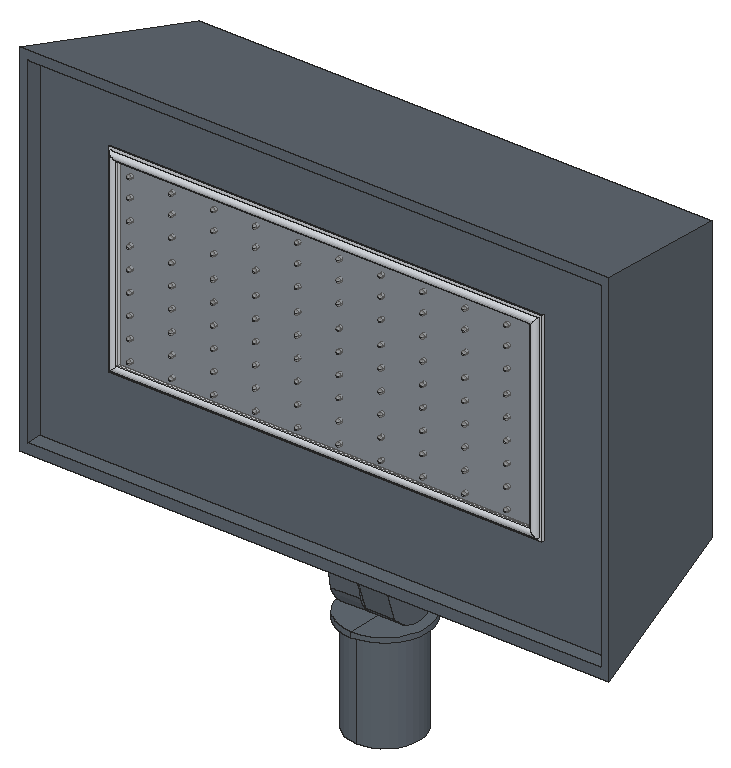
Revit family "RFL3", category Lighting Fixtures, host Face, Revit 2014 (continued)
Definition of nested family "RFL"
  Automatic sketch dimensions
    Revolve 15 sketch curve to Revolve 15 sketch curve = 0.000"
    Revolve 15 sketch curve to Revolve 15 sketch curve = 0.35913"
    Revolve 15 sketch curve to Revolve 15 sketch curve = 0.26429"
    Revolve 16 sketch curve to Revolve 16 sketch curve = 0.03589"
    Revolve 16 sketch curve to Revolve 16 sketch curve = 0.04501"
    Revolve 16 sketch curve to Revolve 16 sketch curve = 0.000"
    Revolve 16 sketch curve to Revolve 16 sketch curve = 0.35913"
    Revolve 16 sketch curve to Revolve 16 sketch curve = 0.26429"
    Revolve 17 sketch curve to Revolve 17 sketch curve = 0.03589"
    Revolve 17 sketch curve to Revolve 17 sketch curve = 0.04501"
    Revolve 17 sketch curve to Revolve 17 sketch curve = 0.000"
    Revolve 17 sketch curve to Revolve 17 sketch curve = 0.35913"
    Revolve 17 sketch curve to Revolve 17 sketch curve = 0.26429"
    Revolve 18 sketch curve to Revolve 18 sketch curve = 0.03589"
    Revolve 18 sketch curve to Revolve 18 sketch curve = 0.04501"
    Revolve 18 sketch curve to Revolve 18 sketch curve = 0.000"
    Revolve 18 sketch curve to Revolve 18 sketch curve = 0.35913"
    Revolve 18 sketch curve to Revolve 18 sketch curve = 0.26429"
    Revolve 19 sketch curve to Revolve 19 sketch curve = 0.03589"
    Revolve 19 sketch curve to Revolve 19 sketch curve = 0.04501"
    Revolve 19 sketch curve to Revolve 19 sketch curve = 0.000"
    Revolve 19 sketch curve to Revolve 19 sketch curve = 0.35913"
    Revolve 19 sketch curve to Revolve 19 sketch curve = 0.26429"
    Revolve 20 sketch curve to Revolve 20 sketch curve = 0.03589"
    Revolve 20 sketch curve to Revolve 20 sketch curve = 0.04501"
    Revolve 20 sketch curve to Revolve 20 sketch curve = 0.000"
    Revolve 20 sketch curve to Revolve 20 sketch curve = 0.35913"
    Revolve 20 sketch curve to Revolve 20 sketch curve = 0.26429"
    Revolve 21 sketch curve to Revolve 21 sketch curve = 0.03589"
    Revolve 21 sketch curve to Revolve 21 sketch curve = 0.04501"
    Revolve 21 sketch curve to Revolve 21 sketch curve = 0.000"
    Revolve 21 sketch curve to Revolve 21 sketch curve = 0.35913"
    Revolve 21 sketch curve to Revolve 21 sketch curve = 0.26429"
    Revolve 22 sketch curve to Revolve 22 sketch curve = 0.03589"
    Revolve 22 sketch curve to Revolve 22 sketch curve = 0.04501"
    Revolve 22 sketch curve to Revolve 22 sketch curve = 0.000"
    Revolve 22 sketch curve to Revolve 22 sketch curve = 0.35913"
    Revolve 22 sketch curve to Revolve 22 sketch curve = 0.26429"
    Revolve 23 sketch curve to Revolve 23 sketch curve = 0.03589"
    Revolve 23 sketch curve to Revolve 23 sketch curve = 0.04501"
    Revolve 23 sketch curve to Revolve 23 sketch curve = 0.000"
    Revolve 23 sketch curve to Revolve 23 sketch curve = 0.35913"
    Revolve 23 sketch curve to Revolve 23 sketch curve = 0.26429"
    Revolve 24 sketch curve to Revolve 24 sketch curve = 0.03589"
    Revolve 24 sketch curve to Revolve 24 sketch curve = 0.04501"
    Revolve 24 sketch curve to Revolve 24 sketch curve = 0.000"
    Revolve 24 sketch curve to Revolve 24 sketch curve = 0.35913"
    Revolve 24 sketch curve to Revolve 24 sketch curve = 0.26429"
    Revolve 25 sketch curve to Revolve 25 sketch curve = 0.03589"
    Revolve 25 sketch curve to Revolve 25 sketch curve = 0.04501"
    Revolve 25 sketch curve to Revolve 25 sketch curve = 0.000"
    Revolve 25 sketch curve to Revolve 25 sketch curve = 0.35913"
    Revolve 25 sketch curve to Revolve 25 sketch curve = 0.26429"
    Revolve 26 sketch curve to Revolve 26 sketch curve = 0.03589"
    Revolve 26 sketch curve to Revolve 26 sketch curve = 0.04501"
    Revolve 26 sketch curve to Revolve 26 sketch curve = 0.000"
    Revolve 26 sketch curve to Revolve 26 sketch curve = 0.35913"
    Revolve 26 sketch curve to Revolve 26 sketch curve = 0.26429"
    Revolve 27 sketch curve to Revolve 27 sketch curve = 0.03589"
    Revolve 27 sketch curve to Revolve 27 sketch curve = 0.04501"
    Revolve 27 sketch curve to Revolve 27 sketch curve = 0.000"
    Revolve 27 sketch curve to Revolve 27 sketch curve = 0.35913"
    Revolve 27 sketch curve to Revolve 27 sketch curve = 0.26429"
    Revolve 28 sketch curve to Revolve 28 sketch curve = 0.03589"
    Revolve 28 sketch curve to Revolve 28 sketch curve = 0.04501"
    Revolve 28 sketch curve to Revolve 28 sketch curve = 0.000"
    Revolve 28 sketch curve to Revolve 28 sketch curve = 0.35913"
    Revolve 28 sketch curve to Revolve 28 sketch curve = 0.26429"
    Revolve 29 sketch curve to Revolve 29 sketch curve = 0.03589"
    Revolve 29 sketch curve to Revolve 29 sketch curve = 0.04501"
    Revolve 29 sketch curve to Revolve 29 sketch curve = 0.000"
    Revolve 29 sketch curve to Revolve 29 sketch curve = 0.35913"
    Revolve 29 sketch curve to Revolve 29 sketch curve = 0.26429"
    Revolve 30 sketch curve to Revolve 30 sketch curve = 0.03589"
    Revolve 30 sketch curve to Revolve 30 sketch curve = 0.04501"
    Revolve 30 sketch curve to Revolve 30 sketch curve = 0.000"
    Revolve 30 sketch curve to Revolve 30 sketch curve = 0.35913"
    Revolve 30 sketch curve to Revolve 30 sketch curve = 0.26429"
    Revolve 31 sketch curve to Revolve 31 sketch curve = 0.03589"
    Revolve 31 sketch curve to Revolve 31 sketch curve = 0.04501"
    Revolve 31 sketch curve to Revolve 31 sketch curve = 0.000"
    Revolve 31 sketch curve to Revolve 31 sketch curve = 0.35913"
    Revolve 31 sketch curve to Revolve 31 sketch curve = 0.26429"
    Revolve 32 sketch curve to Revolve 32 sketch curve = 0.03589"
    Revolve 32 sketch curve to Revolve 32 sketch curve = 0.04501"
    Revolve 32 sketch curve to Revolve 32 sketch curve = 0.000"
    Revolve 32 sketch curve to Revolve 32 sketch curve = 0.35913"
    Revolve 32 sketch curve to Revolve 32 sketch curve = 0.26429"
    Revolve 33 sketch curve to Revolve 33 sketch curve = 0.03589"
    Revolve 33 sketch curve to Revolve 33 sketch curve = 0.04501"
    Revolve 33 sketch curve to Revolve 33 sketch curve = 0.000"
    Revolve 33 sketch curve to Revolve 33 sketch curve = 0.35913"
    Revolve 33 sketch curve to Revolve 33 sketch curve = 0.26429"
    Revolve 34 sketch curve to Revolve 34 sketch curve = 0.03589"
    Revolve 34 sketch curve to Revolve 34 sketch curve = 0.04501"
    Revolve 34 sketch curve to Revolve 34 sketch curve = 0.000"
    Revolve 34 sketch curve to Revolve 34 sketch curve = 0.35913"
    Revolve 34 sketch curve to Revolve 34 sketch curve = 0.26429"
    Revolve 35 sketch curve to Revolve 35 sketch curve = 0.03589"
    Revolve 35 sketch curve to Revolve 35 sketch curve = 0.04501"
    Revolve 35 sketch curve to Revolve 35 sketch curve = 0.000"
    Revolve 35 sketch curve to Revolve 35 sketch curve = 0.35913"
    Revolve 35 sketch curve to Revolve 35 sketch curve = 0.26429"
    Revolve 36 sketch curve to Revolve 36 sketch curve = 0.03589"
    Revolve 36 sketch curve to Revolve 36 sketch curve = 0.04501"
    Revolve 36 sketch curve to Revolve 36 sketch curve = 0.000"
    Revolve 36 sketch curve to Revolve 36 sketch curve = 0.35913"
    Revolve 36 sketch curve to Revolve 36 sketch curve = 0.26429"
    Revolve 37 sketch curve to Revolve 37 sketch curve = 0.03589"
    Revolve 37 sketch curve to Revolve 37 sketch curve = 0.04501"
    Revolve 37 sketch curve to Revolve 37 sketch curve = 0.000"
    Revolve 37 sketch curve to Revolve 37 sketch curve = 0.35913"
    Revolve 37 sketch curve to Revolve 37 sketch curve = 0.26429"
    Revolve 38 sketch curve to Revolve 38 sketch curve = 0.03589"
    Revolve 38 sketch curve to Revolve 38 sketch curve = 0.04501"
    Revolve 38 sketch curve to Revolve 38 sketch curve = 0.000"
    Revolve 38 sketch curve to Revolve 38 sketch curve = 0.35913"
    Revolve 38 sketch curve to Revolve 38 sketch curve = 0.26429"
    Revolve 39 sketch curve to Revolve 39 sketch curve = 0.03589"
    Revolve 39 sketch curve to Revolve 39 sketch curve = 0.04501"
    Revolve 39 sketch curve to Revolve 39 sketch curve = 0.000"
    Revolve 39 sketch curve to Revolve 39 sketch curve = 0.35913"
    Revolve 39 sketch curve to Revolve 39 sketch curve = 0.26429"
    Revolve 40 sketch curve to Revolve 40 sketch curve = 0.03589"
    Revolve 40 sketch curve to Revolve 40 sketch curve = 0.04501"
    Revolve 40 sketch curve to Revolve 40 sketch curve = 0.000"
    Revolve 40 sketch curve to Revolve 40 sketch curve = 0.35913"
    Revolve 40 sketch curve to Revolve 40 sketch curve = 0.26429"
    Revolve 41 sketch curve to Revolve 41 sketch curve = 0.03589"
    Revolve 41 sketch curve to Revolve 41 sketch curve = 0.04501"
    Revolve 41 sketch curve to Revolve 41 sketch curve = 0.000"
    Revolve 41 sketch curve to Revolve 41 sketch curve = 0.35913"
    Revolve 41 sketch curve to Revolve 41 sketch curve = 0.26429"
    Revolve 42 sketch curve to Revolve 42 sketch curve = 0.03589"
    Revolve 42 sketch curve to Revolve 42 sketch curve = 0.04501"
    Revolve 42 sketch curve to Revolve 42 sketch curve = 0.000"
    Revolve 42 sketch curve to Revolve 42 sketch curve = 0.35913"
    Revolve 42 sketch curve to Revolve 42 sketch curve = 0.26429"
    Revolve 43 sketch curve to Revolve 43 sketch curve = 0.03589"
    Revolve 43 sketch curve to Revolve 43 sketch curve = 0.04501"
    Revolve 43 sketch curve to Revolve 43 sketch curve = 0.000"
    Revolve 43 sketch curve to Revolve 43 sketch curve = 0.35913"
    Revolve 43 sketch curve to Revolve 43 sketch curve = 0.26429"
    Revolve 44 sketch curve to Revolve 44 sketch curve = 0.03589"
    Revolve 44 sketch curve to Revolve 44 sketch curve = 0.04501"
    Revolve 44 sketch curve to Revolve 44 sketch curve = 0.000"
    Revolve 44 sketch curve to Revolve 44 sketch curve = 0.35913"
    Revolve 44 sketch curve to Revolve 44 sketch curve = 0.26429"
    Revolve 45 sketch curve to Revolve 45 sketch curve = 0.03589"
    Revolve 45 sketch curve to Revolve 45 sketch curve = 0.04501"
    Revolve 45 sketch curve to Revolve 45 sketch curve = 0.000"
    Revolve 45 sketch curve to Revolve 45 sketch curve = 0.35913"
    Revolve 45 sketch curve to Revolve 45 sketch curve = 0.26429"
    Revolve 46 sketch curve to Revolve 46 sketch curve = 0.03589"
    Revolve 46 sketch curve to Revolve 46 sketch curve = 0.04501"
    Revolve 46 sketch curve to Revolve 46 sketch curve = 0.000"
    Revolve 46 sketch curve to Revolve 46 sketch curve = 0.35913"
    Revolve 46 sketch curve to Revolve 46 sketch curve = 0.26429"
    Revolve 47 sketch curve to Revolve 47 sketch curve = 0.03589"
    Revolve 47 sketch curve to Revolve 47 sketch curve = 0.04501"
    Revolve 47 sketch curve to Revolve 47 sketch curve = 0.000"
    Revolve 47 sketch curve to Revolve 47 sketch curve = 0.35913"
    Revolve 47 sketch curve to Revolve 47 sketch curve = 0.26429"
    Revolve 48 sketch curve to Revolve 48 sketch curve = 0.03589"
    Revolve 48 sketch curve to Revolve 48 sketch curve = 0.04501"
    Revolve 48 sketch curve to Revolve 48 sketch curve = 0.000"
    Revolve 48 sketch curve to Revolve 48 sketch curve = 0.35913"
    Revolve 48 sketch curve to Revolve 48 sketch curve = 0.26429"
    Revolve 49 sketch curve to Revolve 49 sketch curve = 0.03589"
    Revolve 49 sketch curve to Revolve 49 sketch curve = 0.04501"
    Revolve 49 sketch curve to Revolve 49 sketch curve = 0.000"
    Revolve 49 sketch curve to Revolve 49 sketch curve = 0.35913"
    Revolve 49 sketch curve to Revolve 49 sketch curve = 0.26429"
    Revolve 50 sketch curve to Revolve 50 sketch curve = 0.03589"
    Revolve 50 sketch curve to Revolve 50 sketch curve = 0.04501"
    Revolve 50 sketch curve to Revolve 50 sketch curve = 0.000"
    Revolve 50 sketch curve to Revolve 50 sketch curve = 0.35913"
    Revolve 50 sketch curve to Revolve 50 sketch curve = 0.26429"
    Revolve 51 sketch curve to Revolve 51 sketch curve = 0.03589"
    Revolve 51 sketch curve to Revolve 51 sketch curve = 0.04501"
    Revolve 51 sketch curve to Revolve 51 sketch curve = 0.000"
    Revolve 51 sketch curve to Revolve 51 sketch curve = 0.35913"
    Revolve 51 sketch curve to Revolve 51 sketch curve = 0.26429"
    Revolve 52 sketch curve to Revolve 52 sketch curve = 0.03589"
    Revolve 52 sketch curve to Revolve 52 sketch curve = 0.04501"
    Revolve 52 sketch curve to Revolve 52 sketch curve = 0.000"
    Revolve 52 sketch curve to Revolve 52 sketch curve = 0.35913"
    Revolve 52 sketch curve to Revolve 52 sketch curve = 0.26429"
    Revolve 53 sketch curve to Revolve 53 sketch curve = 0.03589"
    Revolve 53 sketch curve to Revolve 53 sketch curve = 0.04501"
    Revolve 53 sketch curve to Revolve 53 sketch curve = 0.000"
    Revolve 53 sketch curve to Revolve 53 sketch curve = 0.35913"
    Revolve 53 sketch curve to Revolve 53 sketch curve = 0.26429"
    Revolve 54 sketch curve to Revolve 54 sketch curve = 0.03589"
    Revolve 54 sketch curve to Revolve 54 sketch curve = 0.04501"
    Revolve 54 sketch curve to Revolve 54 sketch curve = 0.000"
    Revolve 54 sketch curve to Revolve 54 sketch curve = 0.35913"
    Revolve 54 sketch curve to Revolve 54 sketch curve = 0.26429"
    Revolve 55 sketch curve to Revolve 55 sketch curve = 0.03589"
    Revolve 55 sketch curve to Revolve 55 sketch curve = 0.04501"
    Revolve 55 sketch curve to Revolve 55 sketch curve = 0.000"
    Revolve 55 sketch curve to Revolve 55 sketch curve = 0.35913"
    Revolve 55 sketch curve to Revolve 55 sketch curve = 0.26429"
    Revolve 56 sketch curve to Revolve 56 sketch curve = 0.03589"
    Revolve 56 sketch curve to Revolve 56 sketch curve = 0.04501"
    Revolve 56 sketch curve to Revolve 56 sketch curve = 0.000"
    Revolve 56 sketch curve to Revolve 56 sketch curve = 0.35913"
    Revolve 56 sketch curve to Revolve 56 sketch curve = 0.26429"
    Revolve 57 sketch curve to Revolve 57 sketch curve = 0.03589"
    Revolve 57 sketch curve to Revolve 57 sketch curve = 0.04501"
    Revolve 57 sketch curve to Revolve 57 sketch curve = 0.000"
    Revolve 57 sketch curve to Revolve 57 sketch curve = 0.35913"
    Revolve 57 sketch curve to Revolve 57 sketch curve = 0.26429"
    Revolve 58 sketch curve to Revolve 58 sketch curve = 0.03589"
    Revolve 58 sketch curve to Revolve 58 sketch curve = 0.04501"
    Revolve 58 sketch curve to Revolve 58 sketch curve = 0.000"
    Revolve 58 sketch curve to Revolve 58 sketch curve = 0.35913"
    Revolve 58 sketch curve to Revolve 58 sketch curve = 0.26429"
    Revolve 59 sketch curve to Revolve 59 sketch curve = 0.03589"
    Revolve 59 sketch curve to Revolve 59 sketch curve = 0.04501"
    Revolve 59 sketch curve to Revolve 59 sketch curve = 0.000"
    Revolve 59 sketch curve to Revolve 59 sketch curve = 0.35913"
    Revolve 59 sketch curve to Revolve 59 sketch curve = 0.26429"
    Revolve 60 sketch curve to Revolve 60 sketch curve = 0.03589"
    Revolve 60 sketch curve to Revolve 60 sketch curve = 0.04501"
    Revolve 60 sketch curve to Revolve 60 sketch curve = 0.000"
    Revolve 60 sketch curve to Revolve 60 sketch curve = 0.35913"
    Revolve 60 sketch curve to Revolve 60 sketch curve = 0.26429"
    Revolve 61 sketch curve to Revolve 61 sketch curve = 0.03589"
    Revolve 61 sketch curve to Revolve 61 sketch curve = 0.04501"
    Revolve 61 sketch curve to Revolve 61 sketch curve = 0.000"
    Revolve 61 sketch curve to Revolve 61 sketch curve = 0.35913"
    Revolve 61 sketch curve to Revolve 61 sketch curve = 0.26429"
    Revolve 62 sketch curve to Revolve 62 sketch curve = 0.03589"
    Revolve 62 sketch curve to Revolve 62 sketch curve = 0.04501"
    Revolve 62 sketch curve to Revolve 62 sketch curve = 0.000"
    Revolve 62 sketch curve to Revolve 62 sketch curve = 0.35913"
    Revolve 62 sketch curve to Revolve 62 sketch curve = 0.26429"
    Revolve 63 sketch curve to Revolve 63 sketch curve = 0.03589"
    Revolve 63 sketch curve to Revolve 63 sketch curve = 0.04501"
    Revolve 63 sketch curve to Revolve 63 sketch curve = 0.000"
    Revolve 63 sketch curve to Revolve 63 sketch curve = 0.35913"
    Revolve 63 sketch curve to Revolve 63 sketch curve = 0.26429"
    Revolve 64 sketch curve to Revolve 64 sketch curve = 0.03589"
    Revolve 64 sketch curve to Revolve 64 sketch curve = 0.04501"
    Revolve 64 sketch curve to Revolve 64 sketch curve = 0.000"
    Revolve 64 sketch curve to Revolve 64 sketch curve = 0.35913"
    Revolve 64 sketch curve to Revolve 64 sketch curve = 0.26429"
    Revolve 65 sketch curve to Revolve 65 sketch curve = 0.03589"
    Revolve 65 sketch curve to Revolve 65 sketch curve = 0.04501"
    Revolve 65 sketch curve to Revolve 65 sketch curve = 0.000"
    Revolve 65 sketch curve to Revolve 65 sketch curve = 0.35913"
    Revolve 65 sketch curve to Revolve 65 sketch curve = 0.26429"
    Revolve 66 sketch curve to Revolve 66 sketch curve = 0.03589"
    Revolve 66 sketch curve to Revolve 66 sketch curve = 0.04501"
    Revolve 66 sketch curve to Revolve 66 sketch curve = 0.000"
    Revolve 66 sketch curve to Revolve 66 sketch curve = 0.35913"
    Revolve 66 sketch curve to Revolve 66 sketch curve = 0.26429"
    Revolve 67 sketch curve to Revolve 67 sketch curve = 0.03589"
    Revolve 67 sketch curve to Revolve 67 sketch curve = 0.04501"
    Revolve 67 sketch curve to Revolve 67 sketch curve = 0.000"
    Revolve 67 sketch curve to Revolve 67 sketch curve = 0.35913"
    Revolve 67 sketch curve to Revolve 67 sketch curve = 0.26429"
    Revolve 68 sketch curve to Revolve 68 sketch curve = 0.03589"
    Revolve 68 sketch curve to Revolve 68 sketch curve = 0.04501"
    Revolve 68 sketch curve to Revolve 68 sketch curve = 0.000"
    Revolve 68 sketch curve to Revolve 68 sketch curve = 0.35913"
    Revolve 68 sketch curve to Revolve 68 sketch curve = 0.26429"
    Revolve 69 sketch curve to Revolve 69 sketch curve = 0.03589"
    Revolve 69 sketch curve to Revolve 69 sketch curve = 0.04501"
    Revolve 69 sketch curve to Revolve 69 sketch curve = 0.000"
    Revolve 69 sketch curve to Revolve 69 sketch curve = 0.35913"
    Revolve 69 sketch curve to Revolve 69 sketch curve = 0.26429"
    Revolve 70 sketch curve to Revolve 70 sketch curve = 0.03589"
    Revolve 70 sketch curve to Revolve 70 sketch curve = 0.04501"
    Revolve 70 sketch curve to Revolve 70 sketch curve = 0.000"
    Revolve 70 sketch curve to Revolve 70 sketch curve = 0.35913"
    Revolve 70 sketch curve to Revolve 70 sketch curve = 0.26429"
    Revolve 71 sketch curve to Revolve 71 sketch curve = 0.03589"
    Revolve 71 sketch curve to Revolve 71 sketch curve = 0.04501"
    Revolve 71 sketch curve to Revolve 71 sketch curve = 0.000"
    Revolve 71 sketch curve to Revolve 71 sketch curve = 0.35913"
    Revolve 71 sketch curve to Revolve 71 sketch curve = 0.26429"
    Revolve 72 sketch curve to Revolve 72 sketch curve = 0.03589"
    Revolve 72 sketch curve to Revolve 72 sketch curve = 0.04501"
    Revolve 72 sketch curve to Revolve 72 sketch curve = 0.000"
    Revolve 72 sketch curve to Revolve 72 sketch curve = 0.35913"
    Revolve 72 sketch curve to Revolve 72 sketch curve = 0.26429"
    Revolve 73 sketch curve to Revolve 73 sketch curve = 0.03589"
    Revolve 73 sketch curve to Revolve 73 sketch curve = 0.04501"
    Revolve 73 sketch curve to Revolve 73 sketch curve = 0.000"
    Revolve 73 sketch curve to Revolve 73 sketch curve = 0.35913"
    Revolve 73 sketch curve to Revolve 73 sketch curve = 0.26429"
    Revolve 74 sketch curve to Revolve 74 sketch curve = 0.03589"
    Revolve 74 sketch curve to Revolve 74 sketch curve = 0.04501"
    Revolve 74 sketch curve to Revolve 74 sketch curve = 0.000"
    Revolve 74 sketch curve to Revolve 74 sketch curve = 0.35913"
    Revolve 74 sketch curve to Revolve 74 sketch curve = 0.26429"
    Revolve 75 sketch curve to Revolve 75 sketch curve = 0.03589"
    Revolve 75 sketch curve to Revolve 75 sketch curve = 0.04501"
    Revolve 75 sketch curve to Revolve 75 sketch curve = 0.000"
    Revolve 75 sketch curve to Revolve 75 sketch curve = 0.35913"
    Revolve 75 sketch curve to Revolve 75 sketch curve = 0.26429"
    Revolve 76 sketch curve to Revolve 76 sketch curve = 0.03589"
    Revolve 76 sketch curve to Revolve 76 sketch curve = 0.04501"
    Revolve 76 sketch curve to Revolve 76 sketch curve = 0.000"
    Revolve 76 sketch curve to Revolve 76 sketch curve = 0.35913"
    Revolve 76 sketch curve to Revolve 76 sketch curve = 0.26429"
    Revolve 77 sketch curve to Revolve 77 sketch curve = 0.03589"
    Revolve 77 sketch curve to Revolve 77 sketch curve = 0.04501"
    Revolve 77 sketch curve to Revolve 77 sketch curve = 0.000"
    Revolve 77 sketch curve to Revolve 77 sketch curve = 0.35913"
    Revolve 77 sketch curve to Revolve 77 sketch curve = 0.26429"
    Revolve 78 sketch curve to Revolve 78 sketch curve = 0.03589"
    Revolve 78 sketch curve to Revolve 78 sketch curve = 0.04501"
    Revolve 78 sketch curve to Revolve 78 sketch curve = 0.000"
    Revolve 78 sketch curve to Revolve 78 sketch curve = 0.35913"
    Revolve 78 sketch curve to Revolve 78 sketch curve = 0.26429"
    Revolve 79 sketch curve to Revolve 79 sketch curve = 0.03589"
    Revolve 79 sketch curve to Revolve 79 sketch curve = 0.04501"
    Revolve 79 sketch curve to Revolve 79 sketch curve = 0.000"
    Revolve 79 sketch curve to Revolve 79 sketch curve = 0.35913"
    Revolve 79 sketch curve to Revolve 79 sketch curve = 0.26429"
    Revolve 80 sketch curve to Revolve 80 sketch curve = 0.03589"
    Revolve 80 sketch curve to Revolve 80 sketch curve = 0.04501"
    Revolve 80 sketch curve to Revolve 80 sketch curve = 0.000"
    Revolve 80 sketch curve to Revolve 80 sketch curve = 0.35913"
    Revolve 80 sketch curve to Revolve 80 sketch curve = 0.26429"
    Revolve 81 sketch curve to Revolve 81 sketch curve = 0.03589"
    Revolve 81 sketch curve to Revolve 81 sketch curve = 0.04501"
    Revolve 81 sketch curve to Revolve 81 sketch curve = 0.000"
    Revolve 81 sketch curve to Revolve 81 sketch curve = 0.35913"
    Revolve 81 sketch curve to Revolve 81 sketch curve = 0.26429"
    Revolve 82 sketch curve to Revolve 82 sketch curve = 0.03589"
    Revolve 82 sketch curve to Revolve 82 sketch curve = 0.04501"
    Revolve 82 sketch curve to Revolve 82 sketch curve = 0.000"
    Revolve 82 sketch curve to Revolve 82 sketch curve = 0.35913"
    Revolve 82 sketch curve to Revolve 82 sketch curve = 0.26429"
    Revolve 83 sketch curve to Revolve 83 sketch curve = 0.03589"
    Revolve 83 sketch curve to Revolve 83 sketch curve = 0.04501"
    Revolve 83 sketch curve to Revolve 83 sketch curve = 0.000"
    Revolve 83 sketch curve to Revolve 83 sketch curve = 0.35913"
    Revolve 83 sketch curve to Revolve 83 sketch curve = 0.26429"
    Revolve 84 sketch curve to Revolve 84 sketch curve = 0.03589"
    Revolve 84 sketch curve to Revolve 84 sketch curve = 0.04501"
    Revolve 84 sketch curve to Revolve 84 sketch curve = 0.000"
    Revolve 84 sketch curve to Revolve 84 sketch curve = 0.35913"
    Revolve 84 sketch curve to Revolve 84 sketch curve = 0.26429"
    Revolve 85 sketch curve to Revolve 85 sketch curve = 0.03589"
    Revolve 85 sketch curve to Revolve 85 sketch curve = 0.04501"
    Revolve 85 sketch curve to Revolve 85 sketch curve = 0.000"
    Revolve 85 sketch curve to Revolve 85 sketch curve = 0.35913"
    Revolve 85 sketch curve to Revolve 85 sketch curve = 0.26429"
    Revolve 86 sketch curve to Revolve 86 sketch curve = 0.03589"
    Revolve 86 sketch curve to Revolve 86 sketch curve = 0.04501"
    Revolve 86 sketch curve to Revolve 86 sketch curve = 0.000"
    Revolve 86 sketch curve to Revolve 86 sketch curve = 0.35913"
    Revolve 86 sketch curve to Revolve 86 sketch curve = 0.26429"
    Revolve 87 sketch curve to Revolve 87 sketch curve = 0.03589"
    Revolve 87 sketch curve to Revolve 87 sketch curve = 0.04501"
    Revolve 87 sketch curve to Revolve 87 sketch curve = 0.000"
    Revolve 87 sketch curve to Revolve 87 sketch curve = 0.35913"
    Revolve 87 sketch curve to Revolve 87 sketch curve = 0.26429"
    Revolve 88 sketch curve to Revolve 88 sketch curve = 0.03589"
    Revolve 88 sketch curve to Revolve 88 sketch curve = 0.04501"
    Revolve 88 sketch curve to Revolve 88 sketch curve = 0.000"
    Revolve 88 sketch curve to Revolve 88 sketch curve = 0.35913"
    Revolve 88 sketch curve to Revolve 88 sketch curve = 0.26429"
    Revolve 89 sketch curve to Revolve 89 sketch curve = 0.03589"
    Revolve 89 sketch curve to Revolve 89 sketch curve = 0.04501"
    Revolve 89 sketch curve to Revolve 89 sketch curve = 0.000"
    Revolve 89 sketch curve to Revolve 89 sketch curve = 0.35913"
    Revolve 89 sketch curve to Revolve 89 sketch curve = 0.26429"
    Revolve 90 sketch curve to Revolve 90 sketch curve = 0.03589"
    Revolve 90 sketch curve to Revolve 90 sketch curve = 0.04501"
    Revolve 90 sketch curve to Revolve 90 sketch curve = 0.000"
    Revolve 90 sketch curve to Revolve 90 sketch curve = 0.35913"
    Revolve 90 sketch curve to Revolve 90 sketch curve = 0.26429"
    Revolve 91 sketch curve to Revolve 91 sketch curve = 0.03589"
    Revolve 91 sketch curve to Revolve 91 sketch curve = 0.04501"
    Revolve 91 sketch curve to Revolve 91 sketch curve = 0.000"
    Revolve 91 sketch curve to Revolve 91 sketch curve = 0.35913"
    Revolve 91 sketch curve to Revolve 91 sketch curve = 0.26429"
    Revolve 92 sketch curve to Revolve 92 sketch curve = 0.03589"
    Revolve 92 sketch curve to Revolve 92 sketch curve = 0.04501"
    Revolve 92 sketch curve to Revolve 92 sketch curve = 0.000"
    Revolve 92 sketch curve to Revolve 92 sketch curve = 0.35913"
    Revolve 92 sketch curve to Revolve 92 sketch curve = 0.26429"
    Revolve 93 sketch curve to Revolve 93 sketch curve = 0.03589"
    Revolve 93 sketch curve to Revolve 93 sketch curve = 0.04501"
    Revolve 93 sketch curve to Revolve 93 sketch curve = 0.000"
    Revolve 93 sketch curve to Revolve 93 sketch curve = 0.35913"
    Revolve 93 sketch curve to Revolve 93 sketch curve = 0.26429"
    Revolve 94 sketch curve to Revolve 94 sketch curve = 0.03589"
    Revolve 94 sketch curve to Revolve 94 sketch curve = 0.04501"
    Revolve 94 sketch curve to Revolve 94 sketch curve = 0.000"
    Revolve 94 sketch curve to Revolve 94 sketch curve = 0.35913"
    Revolve 94 sketch curve to Revolve 94 sketch curve = 0.26429"
    Revolve 95 sketch curve to Revolve 95 sketch curve = 0.03589"
    Revolve 95 sketch curve to Revolve 95 sketch curve = 0.04501"
    Revolve 95 sketch curve to Revolve 95 sketch curve = 0.000"
    Revolve 95 sketch curve to Revolve 95 sketch curve = 0.35913"
    Revolve 95 sketch curve to Revolve 95 sketch curve = 0.26429"
    plane 5 to Revolve 6 sketch curve = 1.90329"
    Revolve 6 sketch curve to plane 7 = 1.42774"
    plane 5 to Revolve 7 sketch curve = 1.90329"
    Revolve 7 sketch curve to plane 7 = 1.42774"
    plane 5 to Revolve 8 sketch curve = 1.90329"
    Revolve 8 sketch curve to plane 7 = 1.42774"
    plane 5 to Revolve 9 sketch curve = 1.90329"
    Revolve 9 sketch curve to plane 7 = 1.42774"
    plane 5 to Revolve 10 sketch curve = 1.90329"
    Revolve 10 sketch curve to plane 7 = 1.42774"
    plane 5 to Revolve 11 sketch curve = 1.90329"
    Revolve 11 sketch curve to plane 7 = 1.42774"
    plane 5 to Revolve 12 sketch curve = 1.90329"
    Revolve 12 sketch curve to plane 7 = 1.42774"
    plane 5 to Revolve 13 sketch curve = 1.90329"
    Revolve 13 sketch curve to plane 7 = 1.42774"
    plane 5 to Revolve 14 sketch curve = 1.90329"
    Revolve 14 sketch curve to plane 7 = 1.42774"
    Revolve 15 sketch curve to plane 4 = 1.64671"
    Revolve 15 sketch curve to plane 7 = 1.42774"
    Revolve 16 sketch curve to plane 4 = 1.64671"
    Revolve 16 sketch curve to plane 7 = 1.42774"
    Revolve 17 sketch curve to plane 4 = 1.64671"
    Revolve 17 sketch curve to plane 7 = 1.42774"
    Revolve 18 sketch curve to plane 4 = 1.64671"
    Revolve 18 sketch curve to plane 7 = 1.42774"
    Revolve 19 sketch curve to plane 4 = 1.64671"
    Revolve 19 sketch curve to plane 7 = 1.42774"
    Revolve 20 sketch curve to plane 4 = 1.64671"
    Revolve 20 sketch curve to plane 7 = 1.42774"
    Revolve 21 sketch curve to plane 4 = 1.64671"
    Revolve 21 sketch curve to plane 7 = 1.42774"
    Revolve 22 sketch curve to plane 4 = 1.64671"
    Revolve 22 sketch curve to plane 7 = 1.42774"
    Revolve 23 sketch curve to plane 4 = 1.64671"
    Revolve 23 sketch curve to plane 7 = 1.42774"
    Revolve 24 sketch curve to plane 3 "Center (Left/Right)" = 2.30227"
    Revolve 24 sketch curve to plane 7 = 1.42774"
    Revolve 25 sketch curve to plane 3 "Center (Left/Right)" = 2.30227"
    Revolve 25 sketch curve to plane 7 = 1.42774"
    Revolve 26 sketch curve to plane 3 "Center (Left/Right)" = 2.30227"
    Revolve 26 sketch curve to plane 7 = 1.42774"
    Revolve 27 sketch curve to plane 3 "Center (Left/Right)" = 2.30227"
    Revolve 27 sketch curve to plane 7 = 1.42774"
    Revolve 28 sketch curve to plane 3 "Center (Left/Right)" = 2.30227"
    Revolve 28 sketch curve to plane 7 = 1.42774"
    Revolve 29 sketch curve to plane 3 "Center (Left/Right)" = 2.30227"
    Revolve 29 sketch curve to plane 7 = 1.42774"
    Revolve 30 sketch curve to plane 3 "Center (Left/Right)" = 2.30227"
    Revolve 30 sketch curve to plane 7 = 1.42774"
    Revolve 31 sketch curve to plane 3 "Center (Left/Right)" = 2.30227"
    Revolve 31 sketch curve to plane 7 = 1.42774"
    Revolve 32 sketch curve to plane 3 "Center (Left/Right)" = 2.30227"
    Revolve 32 sketch curve to plane 7 = 1.42774"
    Revolve 33 sketch curve to plane 3 "Center (Left/Right)" = 1.60782"
    Revolve 33 sketch curve to plane 7 = 1.42774"
    Revolve 34 sketch curve to plane 3 "Center (Left/Right)" = 1.60782"
    Revolve 34 sketch curve to plane 7 = 1.42774"
    Revolve 35 sketch curve to plane 3 "Center (Left/Right)" = 1.60782"
    Revolve 35 sketch curve to plane 7 = 1.42774"
    Revolve 36 sketch curve to plane 3 "Center (Left/Right)" = 1.60782"
    Revolve 36 sketch curve to plane 7 = 1.42774"
    Revolve 37 sketch curve to plane 3 "Center (Left/Right)" = 1.60782"
    Revolve 37 sketch curve to plane 7 = 1.42774"
    Revolve 38 sketch curve to plane 3 "Center (Left/Right)" = 1.60782"
    Revolve 38 sketch curve to plane 7 = 1.42774"
    Revolve 39 sketch curve to plane 3 "Center (Left/Right)" = 1.60782"
    Revolve 39 sketch curve to plane 7 = 1.42774"
    Revolve 40 sketch curve to plane 3 "Center (Left/Right)" = 1.60782"
    Revolve 40 sketch curve to plane 7 = 1.42774"
    Revolve 41 sketch curve to plane 3 "Center (Left/Right)" = 1.60782"
    Revolve 41 sketch curve to plane 7 = 1.42774"
    Revolve 42 sketch curve to plane 3 "Center (Left/Right)" = 0.91338"
    Revolve 42 sketch curve to plane 7 = 1.42774"
    Revolve 43 sketch curve to plane 3 "Center (Left/Right)" = 0.91338"
    Revolve 43 sketch curve to plane 7 = 1.42774"
    Revolve 44 sketch curve to plane 3 "Center (Left/Right)" = 0.91338"
    Revolve 44 sketch curve to plane 7 = 1.42774"
    Revolve 45 sketch curve to plane 3 "Center (Left/Right)" = 0.91338"
    Revolve 45 sketch curve to plane 7 = 1.42774"
    Revolve 46 sketch curve to plane 3 "Center (Left/Right)" = 0.91338"
    Revolve 46 sketch curve to plane 7 = 1.42774"
    Revolve 47 sketch curve to plane 3 "Center (Left/Right)" = 0.91338"
    Revolve 47 sketch curve to plane 7 = 1.42774"
    Revolve 48 sketch curve to plane 3 "Center (Left/Right)" = 0.91338"
    Revolve 48 sketch curve to plane 7 = 1.42774"
    Revolve 49 sketch curve to plane 3 "Center (Left/Right)" = 0.91338"
    Revolve 49 sketch curve to plane 7 = 1.42774"
    Revolve 50 sketch curve to plane 3 "Center (Left/Right)" = 0.91338"
    Revolve 50 sketch curve to plane 7 = 1.42774"
    Revolve 51 sketch curve to plane 3 "Center (Left/Right)" = 0.21893"
    Revolve 51 sketch curve to plane 7 = 1.42774"
    Revolve 52 sketch curve to plane 3 "Center (Left/Right)" = 0.21893"
    Revolve 52 sketch curve to plane 7 = 1.42774"
    Revolve 53 sketch curve to plane 3 "Center (Left/Right)" = 0.21893"
    Revolve 53 sketch curve to plane 7 = 1.42774"
    Revolve 54 sketch curve to plane 3 "Center (Left/Right)" = 0.21893"
    Revolve 54 sketch curve to plane 7 = 1.42774"
    Revolve 55 sketch curve to plane 3 "Center (Left/Right)" = 0.21893"
    Revolve 55 sketch curve to plane 7 = 1.42774"
    Revolve 56 sketch curve to plane 3 "Center (Left/Right)" = 0.21893"
    Revolve 56 sketch curve to plane 7 = 1.42774"
    Revolve 57 sketch curve to plane 3 "Center (Left/Right)" = 0.21893"
    Revolve 57 sketch curve to plane 7 = 1.42774"
    Revolve 58 sketch curve to plane 3 "Center (Left/Right)" = 0.21893"
    Revolve 58 sketch curve to plane 7 = 1.42774"
    Revolve 59 sketch curve to plane 3 "Center (Left/Right)" = 0.21893"
    Revolve 59 sketch curve to plane 7 = 1.42774"
    plane 3 "Center (Left/Right)" to Revolve 60 sketch curve = 0.47551"
    Revolve 60 sketch curve to plane 7 = 1.42774"
    plane 3 "Center (Left/Right)" to Revolve 61 sketch curve = 0.47551"
    Revolve 61 sketch curve to plane 7 = 1.42774"
    plane 3 "Center (Left/Right)" to Revolve 62 sketch curve = 0.47551"
    Revolve 62 sketch curve to plane 7 = 1.42774"
    plane 3 "Center (Left/Right)" to Revolve 63 sketch curve = 0.47551"
    Revolve 63 sketch curve to plane 7 = 1.42774"
    plane 3 "Center (Left/Right)" to Revolve 64 sketch curve = 0.47551"
    Revolve 64 sketch curve to plane 7 = 1.42774"
    plane 3 "Center (Left/Right)" to Revolve 65 sketch curve = 0.47551"
    Revolve 65 sketch curve to plane 7 = 1.42774"
    plane 3 "Center (Left/Right)" to Revolve 66 sketch curve = 0.47551"
    Revolve 66 sketch curve to plane 7 = 1.42774"
    plane 3 "Center (Left/Right)" to Revolve 67 sketch curve = 0.47551"
    Revolve 67 sketch curve to plane 7 = 1.42774"
    plane 3 "Center (Left/Right)" to Revolve 68 sketch curve = 0.47551"
    Revolve 68 sketch curve to plane 7 = 1.42774"
    plane 3 "Center (Left/Right)" to Revolve 69 sketch curve = 1.16995"
    Revolve 69 sketch curve to plane 7 = 1.42774"
    plane 3 "Center (Left/Right)" to Revolve 70 sketch curve = 1.16995"
    Revolve 70 sketch curve to plane 7 = 1.42774"
    plane 3 "Center (Left/Right)" to Revolve 71 sketch curve = 1.16995"
    Revolve 71 sketch curve to plane 7 = 1.42774"
    plane 3 "Center (Left/Right)" to Revolve 72 sketch curve = 1.16995"
    Revolve 72 sketch curve to plane 7 = 1.42774"
    plane 3 "Center (Left/Right)" to Revolve 73 sketch curve = 1.16995"
    Revolve 73 sketch curve to plane 7 = 1.42774"
    plane 3 "Center (Left/Right)" to Revolve 74 sketch curve = 1.16995"
    Revolve 74 sketch curve to plane 7 = 1.42774"
    plane 3 "Center (Left/Right)" to Revolve 75 sketch curve = 1.16995"
    Revolve 75 sketch curve to plane 7 = 1.42774"
    plane 3 "Center (Left/Right)" to Revolve 76 sketch curve = 1.16995"
    Revolve 76 sketch curve to plane 7 = 1.42774"
    plane 3 "Center (Left/Right)" to Revolve 77 sketch curve = 1.16995"
    Revolve 77 sketch curve to plane 7 = 1.42774"
    plane 3 "Center (Left/Right)" to Revolve 78 sketch curve = 1.8644"
    Revolve 78 sketch curve to plane 7 = 1.42774"
    plane 3 "Center (Left/Right)" to Revolve 79 sketch curve = 1.8644"
    Revolve 79 sketch curve to plane 7 = 1.42774"
    plane 3 "Center (Left/Right)" to Revolve 80 sketch curve = 1.8644"
    Revolve 80 sketch curve to plane 7 = 1.42774"
    plane 3 "Center (Left/Right)" to Revolve 81 sketch curve = 1.8644"
    Revolve 81 sketch curve to plane 7 = 1.42774"
    plane 3 "Center (Left/Right)" to Revolve 82 sketch curve = 1.8644"
    Revolve 82 sketch curve to plane 7 = 1.42774"
    plane 3 "Center (Left/Right)" to Revolve 83 sketch curve = 1.8644"
    Revolve 83 sketch curve to plane 7 = 1.42774"
    plane 3 "Center (Left/Right)" to Revolve 84 sketch curve = 1.8644"
    Revolve 84 sketch curve to plane 7 = 1.42774"
    plane 3 "Center (Left/Right)" to Revolve 85 sketch curve = 1.8644"
    Revolve 85 sketch curve to plane 7 = 1.42774"
    plane 3 "Center (Left/Right)" to Revolve 86 sketch curve = 1.8644"
    Revolve 86 sketch curve to plane 7 = 1.42774"
    Revolve 87 sketch curve to plane 4 = 2.34116"
    Revolve 87 sketch curve to plane 7 = 1.42774"
    Revolve 88 sketch curve to plane 4 = 2.34116"
    Revolve 88 sketch curve to plane 7 = 1.42774"
    Revolve 89 sketch curve to plane 4 = 2.34116"
    Revolve 89 sketch curve to plane 7 = 1.42774"
    Revolve 90 sketch curve to plane 4 = 2.34116"
    Revolve 90 sketch curve to plane 7 = 1.42774"
    Revolve 91 sketch curve to plane 4 = 2.34116"
    Revolve 91 sketch curve to plane 7 = 1.42774"
    Revolve 92 sketch curve to plane 4 = 2.34116"
    Revolve 92 sketch curve to plane 7 = 1.42774"
    Revolve 93 sketch curve to plane 4 = 2.34116"
    Revolve 93 sketch curve to plane 7 = 1.42774"
    Revolve 94 sketch curve to plane 4 = 2.34116"
    Revolve 94 sketch curve to plane 7 = 1.42774"
    Revolve 95 sketch curve to plane 4 = 2.34116"
    Revolve 95 sketch curve to plane 7 = 1.42774"
    level to Extrusion 1 sketch curve = 0.18777"
    Extrusion 1 sketch curve to Extrusion 1 sketch curve = 0.05428"
    Extrusion 1 sketch curve to Extrusion 1 sketch curve = 1.28334"
